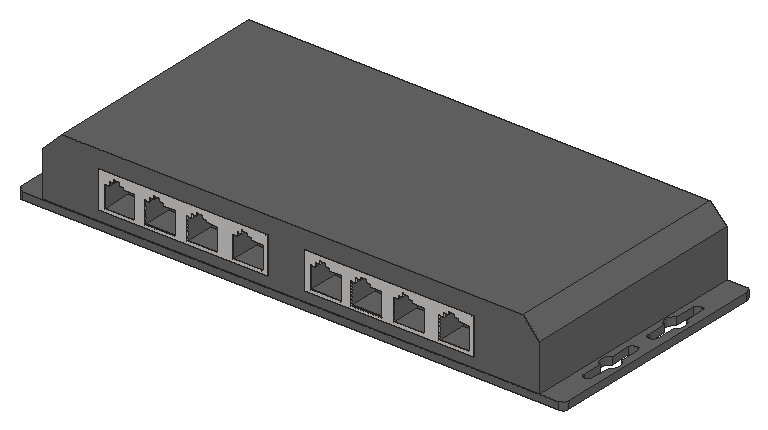
Revit family "NXPOE7-24B", category Communication Devices, host Face, Revit 2021
Family settings
  Host = Face
  Maintain Annotation Orientation = No
  Round Connector Dimension = Use Diameter
  Part Type = Normal
  OmniClass Number = 23.85.80.11.27
  OmniClass Title = Lighting Controls
  Cut with Voids When Loaded = No
  Shared = Yes
  Room Calculation Point = No
Parameters
  Warranty = "5-Years Warranty"  # constant formula
  Voltage = "24V"
  Type Comments = "NX POE SWITCH/POWER INJECTOR"  # constant formula
  Connectivity = "Cat5 Pins 4, 5, 6, 7 and 8"  # constant formula
  Product Page URL = ""
  Product Documentation Link = ""
  URL = "https://www.currentlighting.com/nxlightingcontrols"
  Model = "NXPOE"  # constant formula
  Manufacturer = " NX Lighting Controls"  # constant formula
  Washer = Metal-Galvanized_Steel
  Features = "NX network accessory that provides for splitting the  network\r\nfrom the NXAC into multiple segments\r\n• 24V power is provided to the unit via a five amp computer style plug-in\r\npower supply\r\n• Provides seven powered RJ45 ports for connection of NX network devices\r\n• Multiple dimming options including DMX to less than 0.1%\r\n• Limit of 64 NXHNB2 Network Bridge modules per segment ENERGY STAR®\r\ncertified configurations\r\n• Expands the capacity of the NXAC to 448 bridges suitable for large\r\ncommercial and architectural interiors"  # constant formula
  Description = "NX network accessory that provides for splitting the  network\r\nfrom the NXAC into multiple segments"  # constant formula
  Default Elevation = 48.00"
  Copyright = "Copyright © NX Lighting Controls"  # constant formula
  Contact Us = ""
  Housing Material = Paint -  Carbon Black
  Assembly Code = "D5090"
Reference planes (in)
  plane 1 "Center (Front/Back)": y = 13.01342
  plane 2: z = 0
  plane 3 "Center (Left/Right)": x = 0
  plane 4: x = -3.82
  plane 5: x = 3.82
  plane 6: x = 3.63
  plane 7: x = -3.63
  plane 8: y = 11.38342
  plane 9: y = 14.64342
Forms (in)
  Extrusion 1, solid, material "Paint -  Carbon Black" <- "Housing Material"
    sketch origin (0, 0, 0) x (1, 0, 0) y (0, 1, 0)
      loop
        arc (-3.75074, 14.64342) -> (-3.79972, 14.62313) -> (-3.82, 14.57416) r 0.06926
        line (-3.82, 14.57416) -> (-3.82, 11.46646)
        arc (-3.82, 11.46646) -> (-3.79568, 11.40774) -> (-3.73696, 11.38342) r 0.08304
        line (-3.73696, 11.38342) -> (3.74369, 11.38342)
        arc (3.74369, 11.38342) -> (3.79765, 11.40577) -> (3.82, 11.45973) r 0.07631
        line (3.82, 11.45973) -> (3.82, 14.55419)
        arc (3.82, 14.55419) -> (3.79386, 14.61728) -> (3.73077, 14.64342) r 0.08923
        line (3.73077, 14.64342) -> (-3.75074, 14.64342)
      loop
        arc (-3.70425, 13.65161) -> (-3.77031, 13.53842) -> (-3.70425, 13.42523) r 0.13
        line (-3.70425, 13.42523) -> (-3.70425, 13.15255)
        arc (-3.70425, 13.15255) -> (-3.63889, 13.08719) -> (-3.57353, 13.15255) r 0.06536
        line (-3.57353, 13.15255) -> (-3.57353, 13.42404)
        arc (-3.57353, 13.42404) -> (-3.50531, 13.53842) -> (-3.57353, 13.6528) r 0.13
        line (-3.57353, 13.6528) -> (-3.57353, 13.9243)
        arc (-3.57353, 13.9243) -> (-3.63889, 13.98966) -> (-3.70425, 13.9243) r 0.06536
        line (-3.70425, 13.9243) -> (-3.70425, 13.65161)
      loop
        line (-3.70425, 12.2971) -> (-3.70425, 12.02442)
        arc (-3.70425, 12.02442) -> (-3.63889, 11.95906) -> (-3.57353, 12.02442) r 0.06536
        line (-3.57353, 12.02442) -> (-3.57353, 12.29591)
        arc (-3.57353, 12.29591) -> (-3.50531, 12.41029) -> (-3.57353, 12.52467) r 0.13
        line (-3.57353, 12.52467) -> (-3.57353, 12.79616)
        arc (-3.57353, 12.79616) -> (-3.63889, 12.86152) -> (-3.70425, 12.79616) r 0.06536
        line (-3.70425, 12.79616) -> (-3.70425, 12.52348)
        arc (-3.70425, 12.52348) -> (-3.77031, 12.41029) -> (-3.70425, 12.2971) r 0.13
      loop
        line (3.70425, 13.65161) -> (3.70425, 13.9243)
        arc (3.70425, 13.9243) -> (3.63889, 13.98966) -> (3.57353, 13.9243) r 0.06536
        line (3.57353, 13.9243) -> (3.57353, 13.6528)
        arc (3.57353, 13.6528) -> (3.50531, 13.53842) -> (3.57353, 13.42404) r 0.13
        line (3.57353, 13.42404) -> (3.57353, 13.15255)
        arc (3.57353, 13.15255) -> (3.63889, 13.08719) -> (3.70425, 13.15255) r 0.06536
        line (3.70425, 13.15255) -> (3.70425, 13.42523)
        arc (3.70425, 13.42523) -> (3.77031, 13.53842) -> (3.70425, 13.65161) r 0.13
      loop
        arc (3.70425, 12.2971) -> (3.77031, 12.41029) -> (3.70425, 12.52348) r 0.13
        line (3.70425, 12.52348) -> (3.70425, 12.79616)
        arc (3.70425, 12.79616) -> (3.63889, 12.86152) -> (3.57353, 12.79616) r 0.06536
        line (3.57353, 12.79616) -> (3.57353, 12.52467)
        arc (3.57353, 12.52467) -> (3.50531, 12.41029) -> (3.57353, 12.29591) r 0.13
        line (3.57353, 12.29591) -> (3.57353, 12.02442)
        arc (3.57353, 12.02442) -> (3.63889, 11.95906) -> (3.70425, 12.02442) r 0.06536
        line (3.70425, 12.02442) -> (3.70425, 12.2971)
    from 0 to 0.1
  Extrusion 2, solid, material "Paint -  Carbon Black" <- "Housing Material"
    sketch origin (0, 13.01342, 0) x (1, 0, 0) y (0, 0, 1)
      loop
        line (-3.45959, 0.1) -> (3.47379, 0.1) -> (3.47379, 0.75656) -> (3.23036, 1) -> (-3.19167, 1) -> (-3.45959, 0.73208) -> (-3.45959, 0.1)
    from -1.63 to 1.63
  Extrusion 3, void
    sketch origin (0, 13.01342, 0) x (1, 0, 0) y (0, 0, 1)
      loop
        line (-2.59511, 0.28922) -> (-2.16462, 0.28922) -> (-2.16462, 0.62175) -> (-2.32393, 0.62175) -> (-2.32393, 0.65648) -> (-2.37986, 0.65648) -> (-2.37986, 0.69553) -> (-2.46372, 0.69553) -> (-2.46372, 0.65648) -> (-2.52624, 0.65648) -> (-2.52624, 0.60117) -> (-2.59511, 0.60117) -> (-2.59511, 0.28922)
      loop
        line (-2.03217, 0.28922) -> (-1.60168, 0.28922) -> (-1.60168, 0.62175) -> (-1.76099, 0.62175) -> (-1.76099, 0.65648) -> (-1.81692, 0.65648) -> (-1.81692, 0.69553) -> (-1.90078, 0.69553) -> (-1.90078, 0.65648) -> (-1.96331, 0.65648) -> (-1.96331, 0.60117) -> (-2.03217, 0.60117) -> (-2.03217, 0.28922)
      loop
        line (-1.43984, 0.28922) -> (-1.00935, 0.28922) -> (-1.00935, 0.62175) -> (-1.16866, 0.62175) -> (-1.16866, 0.65648) -> (-1.22459, 0.65648) -> (-1.22459, 0.69553) -> (-1.30845, 0.69553) -> (-1.30845, 0.65648) -> (-1.37097, 0.65648) -> (-1.37097, 0.60117) -> (-1.43984, 0.60117) -> (-1.43984, 0.28922)
      loop
        line (-0.80571, 0.28922) -> (-0.37522, 0.28922) -> (-0.37522, 0.62175) -> (-0.53453, 0.62175) -> (-0.53453, 0.65648) -> (-0.59046, 0.65648) -> (-0.59046, 0.69553) -> (-0.67432, 0.69553) -> (-0.67432, 0.65648) -> (-0.73684, 0.65648) -> (-0.73684, 0.60117) -> (-0.80571, 0.60117) -> (-0.80571, 0.28922)
      loop
        line (0.28295, 0.28922) -> (0.71344, 0.28922) -> (0.71344, 0.62175) -> (0.55413, 0.62175) -> (0.55413, 0.65648) -> (0.4982, 0.65648) -> (0.4982, 0.69553) -> (0.41434, 0.69553) -> (0.41434, 0.65648) -> (0.35181, 0.65648) -> (0.35181, 0.60117) -> (0.28295, 0.60117) -> (0.28295, 0.28922)
      loop
        line (0.84589, 0.28922) -> (1.27638, 0.28922) -> (1.27638, 0.62175) -> (1.11707, 0.62175) -> (1.11707, 0.65648) -> (1.06113, 0.65648) -> (1.06113, 0.69553) -> (0.97728, 0.69553) -> (0.97728, 0.65648) -> (0.91475, 0.65648) -> (0.91475, 0.60117) -> (0.84589, 0.60117) -> (0.84589, 0.28922)
      loop
        line (1.43822, 0.28922) -> (1.86871, 0.28922) -> (1.86871, 0.62175) -> (1.7094, 0.62175) -> (1.7094, 0.65648) -> (1.65346, 0.65648) -> (1.65346, 0.69553) -> (1.56961, 0.69553) -> (1.56961, 0.65648) -> (1.50708, 0.65648) -> (1.50708, 0.60117) -> (1.43822, 0.60117) -> (1.43822, 0.28922)
      loop
        line (2.07235, 0.28922) -> (2.50284, 0.28922) -> (2.50284, 0.62175) -> (2.34353, 0.62175) -> (2.34353, 0.65648) -> (2.2876, 0.65648) -> (2.2876, 0.69553) -> (2.20374, 0.69553) -> (2.20374, 0.65648) -> (2.14121, 0.65648) -> (2.14121, 0.60117) -> (2.07235, 0.60117) -> (2.07235, 0.28922)
    from 1.22629 to 1.63
  Extrusion 4, void
    sketch origin (0, 0, 0) x (0, -1, 0) y (0, 0, 1)
      loop
        arc (-13.2232, 0.26842) -> (-13.19421, 0.23943) -> (-13.16522, 0.26842) r 0.02899
        line (-13.16522, 0.26842) -> (-13.16522, 0.51842)
        arc (-13.16522, 0.51842) -> (-13.19421, 0.54741) -> (-13.2232, 0.51842) r 0.02899
        line (-13.2232, 0.51842) -> (-13.2232, 0.26842)
      loop
        arc (-13.4028, 0.26842) -> (-13.37381, 0.23943) -> (-13.34482, 0.26842) r 0.02899
        line (-13.34482, 0.26842) -> (-13.34482, 0.51842)
        arc (-13.34482, 0.51842) -> (-13.37381, 0.54741) -> (-13.4028, 0.51842) r 0.02899
        line (-13.4028, 0.51842) -> (-13.4028, 0.26842)
      loop
        arc (-13.58058, 0.26842) -> (-13.55159, 0.23943) -> (-13.5226, 0.26842) r 0.02899
        line (-13.5226, 0.26842) -> (-13.5226, 0.51842)
        arc (-13.5226, 0.51842) -> (-13.55159, 0.54741) -> (-13.58058, 0.51842) r 0.02899
        line (-13.58058, 0.51842) -> (-13.58058, 0.26842)
      loop
        arc (-13.04359, 0.26842) -> (-13.0146, 0.23943) -> (-12.98562, 0.26842) r 0.02899
        line (-12.98562, 0.26842) -> (-12.98562, 0.51842)
        arc (-12.98562, 0.51842) -> (-13.0146, 0.54741) -> (-13.04359, 0.51842) r 0.02899
        line (-13.04359, 0.51842) -> (-13.04359, 0.26842)
      loop
        line (-12.80364, 0.26842) -> (-12.80364, 0.51842)
        arc (-12.80364, 0.51842) -> (-12.83263, 0.54741) -> (-12.86162, 0.51842) r 0.02899
        line (-12.86162, 0.51842) -> (-12.86162, 0.26842)
        arc (-12.86162, 0.26842) -> (-12.83263, 0.23943) -> (-12.80364, 0.26842) r 0.02899
      loop
        line (-12.62404, 0.26842) -> (-12.62404, 0.51842)
        arc (-12.62404, 0.51842) -> (-12.65303, 0.54741) -> (-12.68202, 0.51842) r 0.02899
        line (-12.68202, 0.51842) -> (-12.68202, 0.26842)
        arc (-12.68202, 0.26842) -> (-12.65303, 0.23943) -> (-12.62404, 0.26842) r 0.02899
      loop
        line (-12.44626, 0.26842) -> (-12.44626, 0.51842)
        arc (-12.44626, 0.51842) -> (-12.47525, 0.54741) -> (-12.50424, 0.51842) r 0.02899
        line (-12.50424, 0.51842) -> (-12.50424, 0.26842)
        arc (-12.50424, 0.26842) -> (-12.47525, 0.23943) -> (-12.44626, 0.26842) r 0.02899
    from 3.19167 to 3.45959
  Extrusion 5, solid, material "Metal-Galvanized_Steel" <- "Washer"
    sketch origin (0, 13.01342, 0) x (1, 0, 0) y (0, 0, 1)
      loop
        line (-2.67141, 0.24304) -> (-0.32167, 0.24304) -> (-0.32167, 0.75867) -> (-2.67141, 0.75867) -> (-2.67141, 0.24304)
      loop
        line (-2.16462, 0.62175) -> (-2.32393, 0.62175) -> (-2.32393, 0.65648) -> (-2.37986, 0.65648) -> (-2.37986, 0.69553) -> (-2.46372, 0.69553) -> (-2.46372, 0.65648) -> (-2.52624, 0.65648) -> (-2.52624, 0.60117) -> (-2.59511, 0.60117) -> (-2.59511, 0.28922) -> (-2.16462, 0.28922) -> (-2.16462, 0.62175)
      loop
        line (-2.03217, 0.28922) -> (-1.60168, 0.28922) -> (-1.60168, 0.62175) -> (-1.76099, 0.62175) -> (-1.76099, 0.65648) -> (-1.81692, 0.65648) -> (-1.81692, 0.69553) -> (-1.90078, 0.69553) -> (-1.90078, 0.65648) -> (-1.96331, 0.65648) -> (-1.96331, 0.60117) -> (-2.03217, 0.60117) -> (-2.03217, 0.28922)
      loop
        line (-1.43984, 0.28922) -> (-1.00935, 0.28922) -> (-1.00935, 0.62175) -> (-1.16866, 0.62175) -> (-1.16866, 0.65648) -> (-1.22459, 0.65648) -> (-1.22459, 0.69553) -> (-1.30845, 0.69553) -> (-1.30845, 0.65648) -> (-1.37097, 0.65648) -> (-1.37097, 0.60117) -> (-1.43984, 0.60117) -> (-1.43984, 0.28922)
      loop
        line (-0.80571, 0.28922) -> (-0.37522, 0.28922) -> (-0.37522, 0.62175) -> (-0.53453, 0.62175) -> (-0.53453, 0.65648) -> (-0.59046, 0.65648) -> (-0.59046, 0.69553) -> (-0.67432, 0.69553) -> (-0.67432, 0.65648) -> (-0.73684, 0.65648) -> (-0.73684, 0.60117) -> (-0.80571, 0.60117) -> (-0.80571, 0.28922)
      loop
        line (0.20664, 0.24304) -> (2.55639, 0.24304) -> (2.55639, 0.75867) -> (0.20664, 0.75867) -> (0.20664, 0.24304)
      loop
        line (0.71344, 0.62175) -> (0.55413, 0.62175) -> (0.55413, 0.65648) -> (0.4982, 0.65648) -> (0.4982, 0.69553) -> (0.41434, 0.69553) -> (0.41434, 0.65648) -> (0.35181, 0.65648) -> (0.35181, 0.60117) -> (0.28295, 0.60117) -> (0.28295, 0.28922) -> (0.71344, 0.28922) -> (0.71344, 0.62175)
      loop
        line (0.84589, 0.28922) -> (1.27638, 0.28922) -> (1.27638, 0.62175) -> (1.11707, 0.62175) -> (1.11707, 0.65648) -> (1.06113, 0.65648) -> (1.06113, 0.69553) -> (0.97728, 0.69553) -> (0.97728, 0.65648) -> (0.91475, 0.65648) -> (0.91475, 0.60117) -> (0.84589, 0.60117) -> (0.84589, 0.28922)
      loop
        line (1.43822, 0.28922) -> (1.86871, 0.28922) -> (1.86871, 0.62175) -> (1.7094, 0.62175) -> (1.7094, 0.65648) -> (1.65346, 0.65648) -> (1.65346, 0.69553) -> (1.56961, 0.69553) -> (1.56961, 0.65648) -> (1.50708, 0.65648) -> (1.50708, 0.60117) -> (1.43822, 0.60117) -> (1.43822, 0.28922)
      loop
        line (2.07235, 0.28922) -> (2.50284, 0.28922) -> (2.50284, 0.62175) -> (2.34353, 0.62175) -> (2.34353, 0.65648) -> (2.2876, 0.65648) -> (2.2876, 0.69553) -> (2.20374, 0.69553) -> (2.20374, 0.65648) -> (2.14121, 0.65648) -> (2.14121, 0.60117) -> (2.07235, 0.60117) -> (2.07235, 0.28922)
    from 1.63 to 1.64
Cuts and joins
  Extrusion 3, Extrusion 4 cuts Extrusion 2
Dimensions and locks (in)
  aligned and locked: plane 2 to host face
  aligned and locked: level to host face
  aligned and locked: plane 8 to Extrusion 2
  aligned and locked: Extrusion 2 to plane 9
Connectors (in)
  electrical at (0.01934, 13.01342, 1)
    settings: on cut or joined group of Extrusion 2, Extrusion 3, Extrusion 4, index 1, voltage 0 V, apparent load 0 VA, apparent load phase1 0 VA, apparent load phase2 0 VA, apparent load phase3 0 VA, power factor 1, load classification "Other", number of poles 1, system type 14, power factor state 1, is connector primary yes, connector utility no, sub classification motor no, connector description "NX POE Switch"
